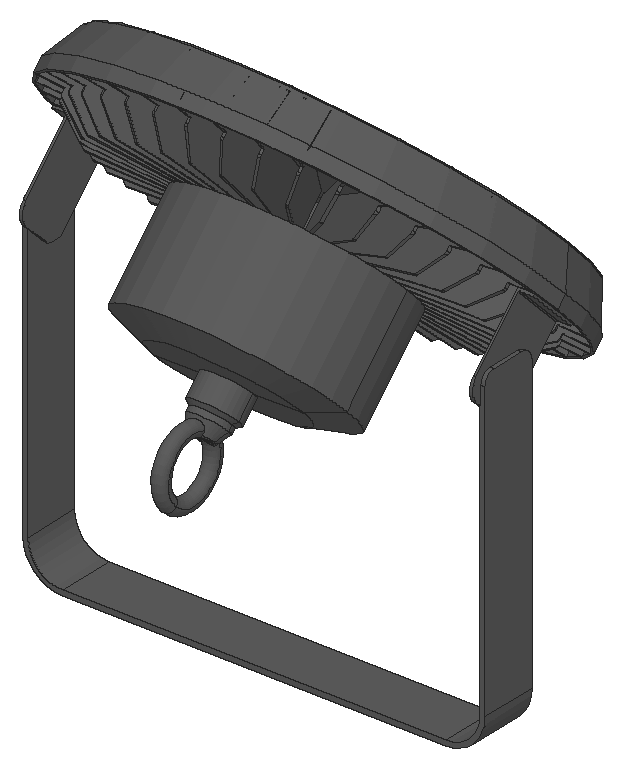
Revit family "0039345+0039354 Feilo Sylvania Lighting Fixture START HIGHBAY 4K 19KLM MEDIUM with BRACKET", category Lighting Fixtures, host Face, Revit 2017
Family settings
  Host = Face
  Round Connector Dimension = Use Diameter
  Part Type = Normal
  OmniClass Number = 23.80.70.00
  OmniClass Title = Lighting
  Cut with Voids When Loaded = No
  Light Source = No
  Shared = No
  Room Calculation Point = No
Parameters (values of type "0039345+0039354 START HIGHBAY 4K 19KLM MEDIUM with BRACKET     ")
  Weight = "3.4 kg"
  Wattage Comments = ""
  WarrantyStartDate [instance] = "n/a"
  WarrantyGuarantorParts = "n/a"
  WarrantyDurationUnit = "n/a"
  WarrantyDurationParts = "n/a"
  WarrantyDescription = "n/a"
  Voltage = 230 V
  URL = "http://www.sylvania-lighting.com"
  TypeName = "START HIGHBAY 4K 19KLM MEDIUM with BRACKET"
  TypeHead_FEILO = Start LED Highbay Head : 0039345+0039354 START HIGHBAY 4K 19KLM MEDIUM with BRACKET     
  Type Image = <None>
  Type Comments = "n/a"
  TiltAngle_FEILO [instance] = 45.00°
  ThicknessBracketPlate_FEILO = 3 mm
  SizeBracketS_FEILO = no
  SizeBracketM_FEILO = yes
  SerialNumber [instance] = "n/a"
  RadiusBracketTop_FEILO = 7 mm
  RadiusBendOut_FEILO = if(SizeBracketS_FEILO, 18 mm, if(SizeBracketM_FEILO, 24 mm, 28 mm))  # 24 mm
  RadiusBendIn_FEILO = RadiusBendOut_FEILO - ThicknessBracketPlate_FEILO  # 21 mm
  Material_3_FEILO = none
  PowerFactor = 0.95
  PowerConsumption = "150 W"
  NominalLength = 296 mm
  NominalHeight = 177 mm
  NominalDepth = 296 mm
  Name = "START HIGHBAY 4K 19KLM MEDIUM with BRACKET"
  ModelReference = Name  # "START HIGHBAY 4K 19KLM MEDIUM with BRACKET"
  ModelNumber = "0039345+0039354"
  Model = Name  # "START HIGHBAY 4K 19KLM MEDIUM with BRACKET"
  Material = "aluminium alloy housing, polycarbonate diffuser"
  ManufacturerName = "Feilo Sylvania"
  Manufacturer = "Feilo Sylvania"
  LuminousEfficacy = "130 lm/W"
  LuminaireType = ""
  LightOutputRatio = "n/a"
  LampsType = Lamp  # "LED"
  LampNominalLuminous = "19500 lm"
  LampMacAdamStep = "n/a"
  LampColourTemperature = "4000 K"
  LampColourRenderingIndex = "80"
  Lamp = "LED"
  Keynote = "16500"
  InstallationDate [instance] = "n/a"
  InputVoltage = "220-240V~"
  InputNominalFrequency = "50/60 Hz"
  IngressProtection = "IP65"
  ImpactProtectionIndex = "IK08"
  IfcExportType = "IfcLightFixtureType"
  IfcExportAs = "IfcLightFixtureType"
  ExpectedLife = 50000
  EndAngle_FEILO [instance] = TiltAngle_FEILO + 180.00°  # 225.00°
  ElectricShockClassification = "Class I"
  DurationUnit = "hours"
  DocumentationLiterature = "http://www.sylvania-lighting.com/product/en-int/products/0039345"
  DimmingControlOptions = "n/a"
  Material_2_FEILO = none
  Description = "START HIGHBAY, includes 1 m cables, black aluminium housing, 19500LM, 150W, 130lm/W, 4000K, Driver current: 3210mA, CR80, 60° beam angle, 1-10V dimmable,  IP65, IK08, 50,000 hrs (L70B50), (LxWxH) 296x296x177mm"
  Default Elevation = 1219.2 mm
  CreatedOn = "2/28/2018"
  CreatedBy = ""
  Cost = 0
  built-in parameter 1114216 [instance] = (empty or 0)
  ClassificationValue = "EF_70_80"
  ClassificationName = "Uniclass2015"
  Material_1_FEILO = Body-Sylvania-StartHighbay-Black
  BracketHeight_FEILO = if(SizeBracketS_FEILO, 199.5 mm, if(SizeBracketM_FEILO, 209.6 mm, 201.3 mm))  # 209.6 mm
  BracketDistanceInner_FEILO = if(SizeBracketS_FEILO, 249.4 mm, if(SizeBracketM_FEILO, 273.6 mm, 313.2 mm))  # 273.6 mm
  BarCode [instance] = "n/a"
  AssetType = "Fixed"
  AssetIdentifier [instance] = "n/a"
  Assembly Code = "D5020200"
  Apparent Load = 150 VA
  Material_4_FEILO = none
Reference planes
  plane 1 "Center (Front/Back)": y = 0
  plane 2: z = 0
  plane 3 "Center (Left/Right)": x = 0
  plane 4: x = -139.8
  plane 5: x = 139.8
  plane 6: z = 209.6
  plane 7: x = -136.8
  plane 8: z = 3
  plane 9: x = 136.8
  plane 10: y = 17.5
  plane 11: y = -17.5
  plane 12: y = -19.5
  plane 13: z = 211.6
  plane 14: y = 19.5
  plane 15: z = 200.6
Forms (mm)
  Extrusion 1, solid, material "Body-Sylvania-StartHighbay-Black" <- "Material_1_FEILO"
    sketch origin (0, 0, 0) x (1, 0, 0) y (0, 0, 1)
      loop
        line (-139.8, 209.6) -> (-139.8, 24)
        arc (-139.8, 24) -> (-132.771, 7.029) -> (-115.8, 0) r 24
        line (-115.8, 0) -> (115.8, 0)
        arc (115.8, 0) -> (132.771, 7.029) -> (139.8, 24) r 24
        line (139.8, 24) -> (139.8, 209.6) -> (136.8, 209.6) -> (136.8, 24)
        arc (136.8, 24) -> (130.649, 9.151) -> (115.8, 3) r 21
        line (115.8, 3) -> (-115.8, 3)
        arc (-115.8, 3) -> (-130.649, 9.151) -> (-136.8, 24) r 21
        line (-136.8, 24) -> (-136.8, 209.6) -> (-139.8, 209.6)
    from -17.5 to 17.5
  Extrusion 2, void
    sketch origin (0, 0, 0) x (0, 1, 0) y (0, 0, 1)
      loop
        arc (10.5, 209.6) -> (15.45, 207.55) -> (17.5, 202.6) r 7
        line (17.5, 202.6) -> (19.5, 202.6) -> (19.5, 211.6) -> (-19.5, 211.6) -> (-19.5, 202.6) -> (-17.5, 202.6)
        arc (-17.5, 202.6) -> (-15.45, 207.55) -> (-10.5, 209.6) r 7
        line (-10.5, 209.6) -> (10.5, 209.6)
    from -139.8 to 139.8
  Revolve 3, solid, not visible
    sketch origin (1223.4, -4572, 200.6) x (0, -1, 0) y (1, 0, 0)
      loop
        line (-4572, -1223.4) -> (-4591.5, -1223.4) -> (-4591.5, -1277.783) -> (-4572, -1277.783) -> (-4572, -1223.4)
      axis (-4572, -1223.4) -> (-4572, -1277.783)
    angle from 45 <- "TiltAngle_FEILO" to 225 <- "EndAngle_FEILO"
Cuts and joins
  Extrusion 2 cuts Extrusion 1
Dimensions and locks
  "BracketHeight_FEILO": plane 6 to plane 2
  equal spacing: plane 11, plane 1 "Center (Front/Back)", plane 10
  locked: plane 11 to plane 10 at 35
  equal spacing: plane 9, plane 3 "Center (Left/Right)", plane 7
  "BracketDistanceInner_FEILO": plane 9 to plane 7
  "ThicknessBracketPlate_FEILO": plane 7 to plane 4
  "ThicknessBracketPlate_FEILO": plane 8 to plane 2
  equal spacing: plane 5, plane 3 "Center (Left/Right)", plane 4
  equal spacing: plane 12, plane 1 "Center (Front/Back)", plane 14
  locked: plane 6 to plane 13 at 2
  locked: plane 12 to plane 11 at 2
  locked: plane 6 to plane 15 at 9
  "RadiusBendOut_FEILO": radius of Extrusion 1 sketch curve  (x2)
  "RadiusBendIn_FEILO": radius of Extrusion 1 sketch curve  (x2)
  "RadiusBracketTop_FEILO": radius of Extrusion 2 sketch curve  (x2)
  aligned and locked: plane 2 to host face
  aligned and locked: level to host face
  aligned and locked: Extrusion 1 sketch curve to plane 4
  aligned and locked: Extrusion 1 sketch curve to level
  aligned and locked: plane 6 to Extrusion 1 sketch curve
  aligned and locked: Extrusion 1 sketch curve to plane 6
  aligned and locked: Extrusion 1 sketch curve to plane 7
  aligned and locked: plane 9 to Extrusion 1 sketch curve
  aligned and locked: plane 8 to Extrusion 1 sketch curve
  aligned and locked: Extrusion 1 to plane 10
  aligned and locked: plane 11 to Extrusion 1
  aligned and locked: Extrusion 1 to Extrusion 2 sketch curve
  aligned and locked: plane 14 to Extrusion 2 sketch curve  (x2)
  aligned and locked: Extrusion 2 sketch curve to plane 12
  aligned and locked: plane 13 to Extrusion 2 sketch curve
  aligned and locked: plane 5 to Extrusion 2
  aligned and locked: Extrusion 2 to plane 4
  aligned and locked: Revolve 3 sketch curve to plane 1 "Center (Front/Back)"
  aligned and locked: Revolve 3 sketch curve to Revolve 3 sketch curve
  aligned and locked: plane 3 "Center (Left/Right)" to Revolve 3 sketch curve
  aligned and locked: Revolve 3 sketch curve to plane 14
  aligned and locked: nested 1 to plane 3 "Center (Left/Right)"
Automatic sketch dimensions
  host sketch curve to host sketch curve = 2438.4 mm  (x2)
  Revolve 3 sketch curve to Revolve 3 sketch curve = 54.383 mm
  Revolve 3 sketch curve to plane 4 = 1396.3 mm
  plane 5 to Revolve 3 sketch curve = 1396.3 mm
  Extrusion 1 sketch curve to Extrusion 1 sketch curve = 0 mm
  Extrusion 2 sketch curve to plane 11 = 0 mm
  Extrusion 2 sketch curve to plane 10 = 0 mm
Nested families
  nested 1: "Start LED Highbay Head" at (0, 0, 200.6) x (-1, 0, 0) z (0, 0.7071, 0.7071), type <- "TypeHead_FEILO", type "0039345+0039354 START HIGHBAY 4K 19KLM MEDIUM with BRACKET     "
    with built-in parameter 1114216 (empty or 0)
Connectors
  electrical at (0, 0, 0), driven by "Apparent Load", driven by "PowerFactor", driven by "Voltage"
    settings: index 1, voltage 230 V, apparent load 150 VA, apparent load phase1 0 VA, apparent load phase2 0 VA, apparent load phase3 0 VA, power factor 0.95, load classification "Lighting", number of poles 1, system type 30, power factor state 1, is connector primary yes, connector utility no, sub classification motor no, connector description ""
Definition of nested family "Start LED Highbay Head"
  Parameters (values of type "0039351+0039354+0039358 START HIGHBAY 6K 19KLM WIDE with BRACKET and PC LAMPSHADE TRANSPARENT ")
    X_FEILO = if(SizeS_FEILO, 60.3 mm, if(SizeM_FEILO, 70.4 mm, 83.5 mm))  # 70.4 mm
    WidthStraight_FEILO = if(SizeS_FEILO, 3 mm, if(SizeM_FEILO, 4 mm, 4.7 mm))  # 4 mm
    WidthRingChamfer_FEILO = if(SizeS_FEILO, 10.3 mm, if(SizeM_FEILO, 11.2 mm, 12.9 mm))  # 11.2 mm
    WidthCurved_FEILO = if(SizeS_FEILO, 17.4 mm, if(SizeM_FEILO, 16.4 mm, 26.2 mm))  # 16.4 mm
    WidthCurvedRing_FEILO = if(SizeS_FEILO, 3 mm, if(SizeM_FEILO, 4 mm, 4.7 mm))  # 4 mm
    WidthBracket_FEILO = 40 mm
    Wattage Comments = ""
    Wattage = 150 W
    built-in parameter 1150110 = 1 (stored number, unit not read)
    URL = "http://www.feilosylvania.com"
    Type Image = (empty or 0)
    Type Comments = "n/a"
    built-in parameter 1114217 = 1 (stored number, unit not read)
    Tilt Angle = -90.00°
    ThicknessWall_FEILO = 1.5 mm
    ThicknessBracket_FEILO = 1.5 mm
    ThicknessBracketHalf_FEILO = ThicknessBracket_FEILO / 2  # 0.75 mm
    built-in parameter 1150109 = 1 (stored number, unit not read)
    built-in parameter 1150134 = 1
    built-in parameter 1150113 = 1 (stored number, unit not read)
    SizeS_FEILO = no
    SizeM_FEILO = yes
    ShadeThickness_FEILO = 3 mm
    ShadeSizeSM_FEILO = or(SizeS_FEILO, SizeM_FEILO)  # yes
    ShadeRadiusOut_FEILO = 205 mm
    ShadeRadiusIn_FEILO = if(ShadeSizeSM_FEILO, 95 mm, 121 mm)  # 95 mm
    ShadeRadiusBend_FEILO = if(ShadeSizeSM_FEILO, 210 mm, 210 mm)  # 210 mm
    ShadeOn_FEILO = yes
    ShadeHeight_FEILO = if(ShadeSizeSM_FEILO, 120 mm, 151 mm)  # 120 mm
    Rib4_FEILO = if(SizeS_FEILO, 18.1 mm, if(SizeM_FEILO, 13.6 mm, 14.6 mm))  # 13.6 mm
    Rib3_FEILO = if(SizeS_FEILO, 15.3 mm, if(SizeM_FEILO, 17.6 mm, 20.2 mm))  # 17.6 mm
    Rib2_FEILO = if(SizeS_FEILO, 3.6 mm, if(SizeM_FEILO, 3.9 mm, 4.5 mm))  # 3.9 mm
    Rib1_FEILO = if(SizeS_FEILO, 15.1 mm, if(SizeM_FEILO, 16.5 mm, 19 mm))  # 16.5 mm
    RadiusDiffuser_FEILO = if(SizeS_FEILO, 95.2 mm, if(SizeM_FEILO, 105.3 mm, 120 mm))  # 105.3 mm
    RadiusArrayPost_FEILO = DriverRadius_FEILO - 6 mm  # 61.2 mm
    RHRadius3_FEILO = if(SizeS_FEILO, 6.6 mm, if(SizeM_FEILO, 7.4 mm, 8.6 mm))  # 7.4 mm
    RHRadius2_FEILO = if(SizeS_FEILO, 11 mm, if(SizeM_FEILO, 12 mm, 14 mm))  # 12 mm
    RHRadius1_FEILO = if(SizeS_FEILO, 13.6 mm, if(SizeM_FEILO, 14.9 mm, 17.7 mm))  # 14.9 mm
    RHHeight4_FEILO = if(SizeS_FEILO, 7.3 mm, if(SizeM_FEILO, 8 mm, 9.2 mm))  # 8 mm
    RHHeight3_FEILO = if(SizeS_FEILO, 3.6 mm, if(SizeM_FEILO, 3.7 mm, 4.6 mm))  # 3.7 mm
    RHHeight2_FEILO = if(SizeS_FEILO, 2 mm, if(SizeM_FEILO, 2.2 mm, 2.6 mm))  # 2.2 mm
    RHHeight1_FEILO = if(SizeS_FEILO, 11.8 mm, if(SizeM_FEILO, 15.3 mm, 17.4 mm))  # 15.3 mm
    Photometric Web File = "0039351+0039358.ies"
    Material_5_FEILO = none
    Material_3_FEILO = none
    Model = "START HIGHBAY 6K 19KLM WIDE with BRACKET and PC LAMPSHADE TRANSPARENT"
    Manufacturer = "Feilo Sylvania"
    built-in parameter 1150105 = 10854.2 (stored number, unit not read)
    Lumens = 19500 lm
    built-in parameter 1150115 = 1 (stored number, unit not read)
    built-in parameter 1150137 = (empty or 0)
    built-in parameter 1150139 = (empty or 0)
    built-in parameter 1150112 = 1 (stored number, unit not read)
    built-in parameter 1150114 = 1 (stored number, unit not read)
    Lamp = "LED"
    Keynote = "16500"
    built-in parameter 1150132 = (empty or 0)
    built-in parameter 1150102 = (empty or 0)
    built-in parameter 1150107 = 6500 (stored number, unit not read)
    built-in parameter 1150138 = (empty or 0)
    built-in parameter 1150106 = 108.54 (stored number, unit not read)
    HeightRing_FEILO = if(SizeS_FEILO, 19.8 mm, if(SizeM_FEILO, 32 mm, 36.8 mm))  # 32 mm
    HeightRingChamfer_FEILO = if(SizeS_FEILO, 11.7 mm, if(SizeM_FEILO, 23.2 mm, 26.6 mm))  # 23.2 mm
    EyeThickness_FEILO = if(SizeS_FEILO, 8.4 mm, if(SizeM_FEILO, 9.2 mm, 10.5 mm))  # 9.2 mm
    EyeThicknessHalf_FEILO = EyeThickness_FEILO / 2  # 4.6 mm
    EyeInner_FEILO = if(SizeS_FEILO, 13.8 mm, if(SizeM_FEILO, 15.1 mm, 17.3 mm))  # 15.1 mm
    Emit from Circle Diameter = RadiusDiffuser_FEILO * 2  # 210.6 mm
    Emit Shape Visible in Rendering = no
    built-in parameter 1150104 = 12.077 (stored number, unit not read)
    DriverVerticalStraight_FEILO = if(SizeS_FEILO, 46.5 mm, if(SizeM_FEILO, 49.7 mm, 57 mm))  # 49.7 mm
    DriverVerticalChamfer_FEILO = if(SizeS_FEILO, 7.5 mm, if(SizeM_FEILO, 8.2 mm, 9.5 mm))  # 8.2 mm
    DriverRadius_FEILO = if(SizeS_FEILO, 61.4 mm, if(SizeM_FEILO, 67.2 mm, 76.4 mm))  # 67.2 mm
    DriverRadiusTop_FEILO = if(SizeS_FEILO, 42 mm, if(SizeM_FEILO, 45.3 mm, 52.4 mm))  # 45.3 mm
    DriverBottom_FEILO = if(SizeS_FEILO, 56 mm, if(SizeM_FEILO, 64.5 mm, 74 mm))  # 64.5 mm
    Material_2_FEILO = none
    Radius_FEILO = if(SizeS_FEILO, 135 mm, if(SizeM_FEILO, 148 mm, 169.5 mm))  # 148 mm
    Dimming Lamp Color Temperature Shift = (empty or 0)
    DiameterWire_FEILO = 3 mm
    DiameterWireSupport_FEILO = 10 mm
    Description = "START HIGHBAY, includes 1 m cables, black aluminium housing, 19500LM, 150W, 130lm/W, 6500K, Driver current: 2140mA, CR80, 60° beam angle, 1-10V dimmable,  IP65, IK08, 50,000 hrs (L70B50), (LxWxH) 296x296x177mm"
    Default Elevation = 1219.2 mm
    Cost = 0
    Color Filter = 16777215
    built-in parameter 1114216 [instance] = (empty or 0)
    Material_1_FEILO = none
    built-in parameter 1114218 = 1 (stored number, unit not read)
    built-in parameter 1150133 = 10 (stored number, unit not read)
    Assembly Code = "D5020200"
    Apparent Load = 150 VA
    Material_4_FEILO = none
  Types (36, lengths in mm): name | X_FEILO | WidthStraight_FEILO | WidthRingChamfer_FEILO | WidthCurved_FEILO | WidthCurvedRing_FEILO | Wattage | built-in parameter 1150134 | SizeS_FEILO | SizeM_FEILO | ShadeSizeSM_FEILO | ShadeRadiusIn_FEILO | ShadeOn_FEILO | ShadeHeight_FEILO | Rib4_FEILO | Rib3_FEILO | Rib2_FEILO | Rib1_FEILO | RadiusDiffuser_FEILO | RadiusArrayPost_FEILO | RHRadius3_FEILO | RHRadius2_FEILO | RHRadius1_FEILO | RHHeight4_FEILO | RHHeight3_FEILO | RHHeight2_FEILO | RHHeight1_FEILO | Photometric Web File | Model | built-in parameter 1150105 | Lumens | built-in parameter 1150107 | built-in parameter 1150106 | HeightRing_FEILO | HeightRingChamfer_FEILO | EyeThickness_FEILO | EyeThicknessHalf_FEILO | EyeInner_FEILO | Emit from Circle Diameter | DriverVerticalStraight_FEILO | DriverVerticalChamfer_FEILO | DriverRadius_FEILO | DriverRadiusTop_FEILO | DriverBottom_FEILO | Radius_FEILO | Description | Apparent Load
    0039352+0039355+0039361 START HIGHBAY 6K 26KLM WIDE with BRACKET and PC LAMPSHADE TRANSPARENT | 83.5 | 4.7 | 12.9 | 26.2 | 4.7 | 200 W | 1 | no | no | no | 121 | yes | 151 | 14.6 | 20.2 | 4.5 | 19 | 120 | 70.4 | 8.6 | 14 | 17.7 | 9.2 | 4.6 | 2.6 | 17.4 | "0039352+0039361.ies" | "START HIGHBAY 6K 26KLM WIDE with BRACKET and PC LAMPSHADE TRANSPARENT" | 17911 (stored number, unit not read) | 26000 lm | 6500 (stored number, unit not read) | 179.11 (stored number, unit not read) | 36.8 | 26.6 | 10.5 | 5.25 | 17.3 | 240 | 57 | 9.5 | 76.4 | 52.4 | 74 | 169.5 | "START HIGHBAY, includes 1 m cables, black aluminium housing, 26000LM, 200W, 130lm/W, 6500K, Driver current: 5000mA, CR80, 60° beam angle, 1-10V dimmable,  IP65, IK08, 50,000 hrs (L70B50), (LxWxH) 339x339x194mm" | 200 VA
    0039352+0039355+0039360 START HIGHBAY 6K 26KLM WIDE with BRACKET and ALU SHADE BLACK COLOR | 83.5 | 4.7 | 12.9 | 26.2 | 4.7 | 200 W | 1 | no | no | no | 121 | yes | 151 | 14.6 | 20.2 | 4.5 | 19 | 120 | 70.4 | 8.6 | 14 | 17.7 | 9.2 | 4.6 | 2.6 | 17.4 | "0039352+0039360.ies" | "START HIGHBAY 6K 26KLM WIDE with BRACKET and ALU SHADE BLACK COLOR" | 14870 (stored number, unit not read) | 26000 lm | 6500 (stored number, unit not read) | 148.7 (stored number, unit not read) | 36.8 | 26.6 | 10.5 | 5.25 | 17.3 | 240 | 57 | 9.5 | 76.4 | 52.4 | 74 | 169.5 | "START HIGHBAY, includes 1 m cables, black aluminium housing, 26000LM, 200W, 130lm/W, 6500K, Driver current: 5000mA, CR80, 60° beam angle, 1-10V dimmable,  IP65, IK08, 50,000 hrs (L70B50), (LxWxH) 339x339x194mm" | 200 VA
    0039352+0039355+0039359 START HIGHBAY 6K 26KLM WIDE with BRACKET and ALU SHADE ALU COLOR | 83.5 | 4.7 | 12.9 | 26.2 | 4.7 | 200 W | 1 | no | no | no | 121 | yes | 151 | 14.6 | 20.2 | 4.5 | 19 | 120 | 70.4 | 8.6 | 14 | 17.7 | 9.2 | 4.6 | 2.6 | 17.4 | "0039352+0039359.ies" | "START HIGHBAY 6K 26KLM WIDE with BRACKET and ALU SHADE ALU COLOR" | 14870 (stored number, unit not read) | 26000 lm | 6500 (stored number, unit not read) | 148.7 (stored number, unit not read) | 36.8 | 26.6 | 10.5 | 5.25 | 17.3 | 240 | 57 | 9.5 | 76.4 | 52.4 | 74 | 169.5 | "START HIGHBAY, includes 1 m cables, black aluminium housing, 26000LM, 200W, 130lm/W, 6500K, Driver current: 5000mA, CR80, 60° beam angle, 1-10V dimmable,  IP65, IK08, 50,000 hrs (L70B50), (LxWxH) 339x339x194mm" | 200 VA
    0039352+0039355 START HIGHBAY 6K 26KLM WIDE with BRACKET | 83.5 | 4.7 | 12.9 | 26.2 | 4.7 | 200 W | 1 | no | no | no | 121 | no | 151 | 14.6 | 20.2 | 4.5 | 19 | 120 | 70.4 | 8.6 | 14 | 17.7 | 9.2 | 4.6 | 2.6 | 17.4 | "0039352.ies" | "START HIGHBAY 6K 26KLM WIDE with BRACKET" | 13836.2 (stored number, unit not read) | 26000 lm | 6500 (stored number, unit not read) | 138.36 (stored number, unit not read) | 36.8 | 26.6 | 10.5 | 5.25 | 17.3 | 240 | 57 | 9.5 | 76.4 | 52.4 | 74 | 169.5 | "START HIGHBAY, includes 1 m cables, black aluminium housing, 26000LM, 200W, 130lm/W, 6500K, Driver current: 5000mA, CR80, 60° beam angle, 1-10V dimmable,  IP65, IK08, 50,000 hrs (L70B50), (LxWxH) 339x339x194mm" | 200 VA
    0039351+0039354+0039358 START HIGHBAY 6K 19KLM WIDE with BRACKET and PC LAMPSHADE TRANSPARENT | 70.4 | 4 | 11.2 | 16.4 | 4 | 150 W | 1 | no | yes | yes | 95 | yes | 120 | 13.6 | 17.6 | 3.9 | 16.5 | 105.3 | 61.2 | 7.4 | 12 | 14.9 | 8 | 3.7 | 2.2 | 15.3 | "0039351+0039358.ies" | "START HIGHBAY 6K 19KLM WIDE with BRACKET and PC LAMPSHADE TRANSPARENT" | 10854.2 (stored number, unit not read) | 19500 lm | 6500 (stored number, unit not read) | 108.54 (stored number, unit not read) | 32 | 23.2 | 9.2 | 4.6 | 15.1 | 210.6 | 49.7 | 8.2 | 67.2 | 45.3 | 64.5 | 148 | "START HIGHBAY, includes 1 m cables, black aluminium housing, 19500LM, 150W, 130lm/W, 6500K, Driver current: 2140mA, CR80, 60° beam angle, 1-10V dimmable,  IP65, IK08, 50,000 hrs (L70B50), (LxWxH) 296x296x177mm" | 150 VA
    0039351+0039354+0039357 START HIGHBAY 6K 19KLM WIDE with BRACKET and ALU SHADE BLACK COLOR | 70.4 | 4 | 11.2 | 16.4 | 4 | 150 W | 1 | no | yes | yes | 95 | yes | 120 | 13.6 | 17.6 | 3.9 | 16.5 | 105.3 | 61.2 | 7.4 | 12 | 14.9 | 8 | 3.7 | 2.2 | 15.3 | "0039351+0039357.ies" | "START HIGHBAY 6K 19KLM WIDE with BRACKET and ALU SHADE BLACK COLOR" | 11152.5 (stored number, unit not read) | 19500 lm | 6500 (stored number, unit not read) | 111.52 (stored number, unit not read) | 32 | 23.2 | 9.2 | 4.6 | 15.1 | 210.6 | 49.7 | 8.2 | 67.2 | 45.3 | 64.5 | 148 | "START HIGHBAY, includes 1 m cables, black aluminium housing, 19500LM, 150W, 130lm/W, 6500K, Driver current: 2140mA, CR80, 60° beam angle, 1-10V dimmable,  IP65, IK08, 50,000 hrs (L70B50), (LxWxH) 296x296x177mm" | 150 VA
    0039351+0039354+0039356 START HIGHBAY 6K 19KLM WIDE with BRACKET and ALU SHADE ALU COLOR | 70.4 | 4 | 11.2 | 16.4 | 4 | 150 W | 1 | no | yes | yes | 95 | yes | 120 | 13.6 | 17.6 | 3.9 | 16.5 | 105.3 | 61.2 | 7.4 | 12 | 14.9 | 8 | 3.7 | 2.2 | 15.3 | "0039351+0039356.ies" | "START HIGHBAY 6K 19KLM WIDE with BRACKET and ALU SHADE ALU COLOR" | 11152.5 (stored number, unit not read) | 19500 lm | 6500 (stored number, unit not read) | 111.52 (stored number, unit not read) | 32 | 23.2 | 9.2 | 4.6 | 15.1 | 210.6 | 49.7 | 8.2 | 67.2 | 45.3 | 64.5 | 148 | "START HIGHBAY, includes 1 m cables, black aluminium housing, 19500LM, 150W, 130lm/W, 6500K, Driver current: 2140mA, CR80, 60° beam angle, 1-10V dimmable,  IP65, IK08, 50,000 hrs (L70B50), (LxWxH) 296x296x177mm" | 150 VA
    0039351+0039354 START HIGHBAY 6K 19KLM WIDE with BRACKET | 70.4 | 4 | 11.2 | 16.4 | 4 | 150 W | 1 | no | yes | yes | 95 | no | 120 | 13.6 | 17.6 | 3.9 | 16.5 | 105.3 | 61.2 | 7.4 | 12 | 14.9 | 8 | 3.7 | 2.2 | 15.3 | "0039351.ies" | "START HIGHBAY 6K 19KLM WIDE with BRACKET" | 10377.1 (stored number, unit not read) | 19500 lm | 6500 (stored number, unit not read) | 103.77 (stored number, unit not read) | 32 | 23.2 | 9.2 | 4.6 | 15.1 | 210.6 | 49.7 | 8.2 | 67.2 | 45.3 | 64.5 | 148 | "START HIGHBAY, includes 1 m cables, black aluminium housing, 19500LM, 150W, 130lm/W, 6500K, Driver current: 2140mA, CR80, 60° beam angle, 1-10V dimmable,  IP65, IK08, 50,000 hrs (L70B50), (LxWxH) 296x296x177mm" | 150 VA
    0039350+0039353+0039358 START HIGHBAY 6K 13KLM WIDE with BRACKET and PC LAMPSHADE TRANSPARENT | 60.3 | 3 | 10.3 | 17.4 | 3 | 100 W | 1 | yes | no | yes | 95 | yes | 120 | 18.1 | 15.3 | 3.6 | 15.1 | 95.2 | 55.4 | 6.6 | 11 | 13.6 | 7.3 | 3.6 | 2 | 11.8 | "0039350+0039358.ies" | "START HIGHBAY 6K 13KLM WIDE with BRACKET and PC LAMPSHADE TRANSPARENT" | 7236.1 (stored number, unit not read) | 13000 lm | 6500 (stored number, unit not read) | 72.361 (stored number, unit not read) | 19.8 | 11.7 | 8.4 | 4.2 | 13.8 | 190.4 | 46.5 | 7.5 | 61.4 | 42 | 56 | 135 | "START HIGHBAY, includes 1 m cables, black aluminium housing, 13000LM, 100W, 130lm/W, 6500K, Driver current: 2140mA, CR80, 60° beam angle, 1-10V dimmable,  IP65, IK08, 50,000 hrs (L70B50), (LxWxH) 270x270x170mm" | 100 VA
    0039350+0039353+0039357 START HIGHBAY 6K 13KLM WIDE with BRACKET and ALU SHADE BLACK COLOR | 60.3 | 3 | 10.3 | 17.4 | 3 | 100 W | 1 | yes | no | yes | 95 | yes | 120 | 18.1 | 15.3 | 3.6 | 15.1 | 95.2 | 55.4 | 6.6 | 11 | 13.6 | 7.3 | 3.6 | 2 | 11.8 | "0039350+0039357.ies" | "START HIGHBAY 6K 13KLM WIDE with BRACKET and ALU SHADE BLACK COLOR" | 7435 (stored number, unit not read) | 13000 lm | 6500 (stored number, unit not read) | 74.35 (stored number, unit not read) | 19.8 | 11.7 | 8.4 | 4.2 | 13.8 | 190.4 | 46.5 | 7.5 | 61.4 | 42 | 56 | 135 | "START HIGHBAY, includes 1 m cables, black aluminium housing, 13000LM, 100W, 130lm/W, 6500K, Driver current: 2140mA, CR80, 60° beam angle, 1-10V dimmable,  IP65, IK08, 50,000 hrs (L70B50), (LxWxH) 270x270x170mm" | 100 VA
    0039350+0039353+0039356 START HIGHBAY 6K 13KLM WIDE with BRACKET and ALU SHADE ALU COLOR | 60.3 | 3 | 10.3 | 17.4 | 3 | 100 W | 1 | yes | no | yes | 95 | yes | 120 | 18.1 | 15.3 | 3.6 | 15.1 | 95.2 | 55.4 | 6.6 | 11 | 13.6 | 7.3 | 3.6 | 2 | 11.8 | "0039350+0039356.ies" | "START HIGHBAY 6K 13KLM WIDE with BRACKET and ALU SHADE ALU COLOR" | 7435 (stored number, unit not read) | 13000 lm | 6500 (stored number, unit not read) | 74.35 (stored number, unit not read) | 19.8 | 11.7 | 8.4 | 4.2 | 13.8 | 190.4 | 46.5 | 7.5 | 61.4 | 42 | 56 | 135 | "START HIGHBAY, includes 1 m cables, black aluminium housing, 13000LM, 100W, 130lm/W, 6500K, Driver current: 2140mA, CR80, 60° beam angle, 1-10V dimmable,  IP65, IK08, 50,000 hrs (L70B50), (LxWxH) 270x270x170mm" | 100 VA
    0039350+0039353 START HIGHBAY 6K 13KLM WIDE with BRACKET | 60.3 | 3 | 10.3 | 17.4 | 3 | 100 W | 1 | yes | no | yes | 95 | no | 120 | 18.1 | 15.3 | 3.6 | 15.1 | 95.2 | 55.4 | 6.6 | 11 | 13.6 | 7.3 | 3.6 | 2 | 11.8 | "0039350.ies" | "START HIGHBAY 6K 13KLM WIDE with BRACKET" | 6918.1 (stored number, unit not read) | 13000 lm | 6500 (stored number, unit not read) | 69.181 (stored number, unit not read) | 19.8 | 11.7 | 8.4 | 4.2 | 13.8 | 190.4 | 46.5 | 7.5 | 61.4 | 42 | 56 | 135 | "START HIGHBAY, includes 1 m cables, black aluminium housing, 13000LM, 100W, 130lm/W, 6500K, Driver current: 2140mA, CR80, 60° beam angle, 1-10V dimmable,  IP65, IK08, 50,000 hrs (L70B50), (LxWxH) 270x270x170mm" | 100 VA
    0039349+0039355+0039361 START HIGHBAY 4K 26KLM WIDE with BRACKET and PC LAMPSHADE TRANSPARENT FOR | 83.5 | 4.7 | 12.9 | 26.2 | 4.7 | 200 W | 12 | no | no | no | 121 | yes | 151 | 14.6 | 20.2 | 4.5 | 19 | 120 | 70.4 | 8.6 | 14 | 17.7 | 9.2 | 4.6 | 2.6 | 17.4 | "0039349+0039361.ies" | "START HIGHBAY 4K 26KLM WIDE with BRACKET and PC LAMPSHADE TRANSPARENT FOR" | 17911 (stored number, unit not read) | 26000 lm | 4000 (stored number, unit not read) | 179.11 (stored number, unit not read) | 36.8 | 26.6 | 10.5 | 5.25 | 17.3 | 240 | 57 | 9.5 | 76.4 | 52.4 | 74 | 169.5 | "START HIGHBAY, includes 1 m cables, black aluminium housing, 26000LM, 200W, 130lm/W, 4000K, Driver current: 5000mA, CR80, 90° beam angle, 1-10V dimmable,  IP65, IK08, 50,000 hrs (L70B50), (LxWxH) 339x339x194mm" | 200 VA
    0039349+0039355+0039360 START HIGHBAY 4K 26KLM WIDE with BRACKET and ALU SHADE BLACK COLOR | 83.5 | 4.7 | 12.9 | 26.2 | 4.7 | 200 W | 12 | no | no | no | 121 | yes | 151 | 14.6 | 20.2 | 4.5 | 19 | 120 | 70.4 | 8.6 | 14 | 17.7 | 9.2 | 4.6 | 2.6 | 17.4 | "0039349+0039360.ies" | "START HIGHBAY 4K 26KLM WIDE with BRACKET and ALU SHADE BLACK COLOR" | 14870 (stored number, unit not read) | 26000 lm | 4000 (stored number, unit not read) | 148.7 (stored number, unit not read) | 36.8 | 26.6 | 10.5 | 5.25 | 17.3 | 240 | 57 | 9.5 | 76.4 | 52.4 | 74 | 169.5 | "START HIGHBAY, includes 1 m cables, black aluminium housing, 26000LM, 200W, 130lm/W, 4000K, Driver current: 5000mA, CR80, 90° beam angle, 1-10V dimmable,  IP65, IK08, 50,000 hrs (L70B50), (LxWxH) 339x339x194mm" | 200 VA
    0039349+0039355+0039359 START HIGHBAY 4K 26KLM WIDE with BRACKET and ALU SHADE ALU COLOR | 83.5 | 4.7 | 12.9 | 26.2 | 4.7 | 200 W | 12 | no | no | no | 121 | yes | 151 | 14.6 | 20.2 | 4.5 | 19 | 120 | 70.4 | 8.6 | 14 | 17.7 | 9.2 | 4.6 | 2.6 | 17.4 | "0039349+0039359.ies" | "START HIGHBAY 4K 26KLM WIDE with BRACKET and ALU SHADE ALU COLOR" | 14870 (stored number, unit not read) | 26000 lm | 4000 (stored number, unit not read) | 148.7 (stored number, unit not read) | 36.8 | 26.6 | 10.5 | 5.25 | 17.3 | 240 | 57 | 9.5 | 76.4 | 52.4 | 74 | 169.5 | "START HIGHBAY, includes 1 m cables, black aluminium housing, 26000LM, 200W, 130lm/W, 4000K, Driver current: 5000mA, CR80, 90° beam angle, 1-10V dimmable,  IP65, IK08, 50,000 hrs (L70B50), (LxWxH) 339x339x194mm" | 200 VA
    0039349+0039355 START HIGHBAY 4K 26KLM WIDE with BRACKET | 83.5 | 4.7 | 12.9 | 26.2 | 4.7 | 200 W | 12 | no | no | no | 121 | no | 151 | 14.6 | 20.2 | 4.5 | 19 | 120 | 70.4 | 8.6 | 14 | 17.7 | 9.2 | 4.6 | 2.6 | 17.4 | "0039349.ies" | "START HIGHBAY 4K 26KLM WIDE with BRACKET" | 13836.2 (stored number, unit not read) | 26000 lm | 4000 (stored number, unit not read) | 138.36 (stored number, unit not read) | 36.8 | 26.6 | 10.5 | 5.25 | 17.3 | 240 | 57 | 9.5 | 76.4 | 52.4 | 74 | 169.5 | "START HIGHBAY, includes 1 m cables, black aluminium housing, 26000LM, 200W, 130lm/W, 4000K, Driver current: 5000mA, CR80, 90° beam angle, 1-10V dimmable,  IP65, IK08, 50,000 hrs (L70B50), (LxWxH) 339x339x194mm" | 200 VA
    0039348+0039354+0039358 START HIGHBAY 4K 19KLM WIDE with BRACKET and PC LAMPSHADE TRANSPARENT | 70.4 | 4 | 11.2 | 16.4 | 4 | 150 W | 12 | no | yes | yes | 95 | yes | 120 | 13.6 | 17.6 | 3.9 | 16.5 | 105.3 | 61.2 | 7.4 | 12 | 14.9 | 8 | 3.7 | 2.2 | 15.3 | "0039348+0039358.ies" | "START HIGHBAY 4K 19KLM WIDE with BRACKET and PC LAMPSHADE TRANSPARENT" | 10854.2 (stored number, unit not read) | 19500 lm | 4000 (stored number, unit not read) | 108.54 (stored number, unit not read) | 32 | 23.2 | 9.2 | 4.6 | 15.1 | 210.6 | 49.7 | 8.2 | 67.2 | 45.3 | 64.5 | 148 | "START HIGHBAY, includes 1 m cables, black aluminium housing, 19500LM, 150W, 130lm/W, 4000K, Driver current: 3210mA, CR80, 90° beam angle, 1-10V dimmable,  IP65, IK08, 50,000 hrs (L70B50), (LxWxH) 296x296x177mm" | 150 VA
    0039348+0039354+0039357 START HIGHBAY 4K 19KLM WIDE with BRACKET and ALU SHADE BLACK COLOR | 70.4 | 4 | 11.2 | 16.4 | 4 | 150 W | 12 | no | yes | yes | 95 | yes | 120 | 13.6 | 17.6 | 3.9 | 16.5 | 105.3 | 61.2 | 7.4 | 12 | 14.9 | 8 | 3.7 | 2.2 | 15.3 | "0039348+0039357.ies" | "START HIGHBAY 4K 19KLM WIDE with BRACKET and ALU SHADE BLACK COLOR" | 11152.5 (stored number, unit not read) | 19500 lm | 4000 (stored number, unit not read) | 111.52 (stored number, unit not read) | 32 | 23.2 | 9.2 | 4.6 | 15.1 | 210.6 | 49.7 | 8.2 | 67.2 | 45.3 | 64.5 | 148 | "START HIGHBAY, includes 1 m cables, black aluminium housing, 19500LM, 150W, 130lm/W, 4000K, Driver current: 3210mA, CR80, 90° beam angle, 1-10V dimmable,  IP65, IK08, 50,000 hrs (L70B50), (LxWxH) 296x296x177mm" | 150 VA
    0039348+0039354+0039356 START HIGHBAY 4K 19KLM WIDE with BRACKET and ALU SHADE ALU COLOR | 70.4 | 4 | 11.2 | 16.4 | 4 | 150 W | 12 | no | yes | yes | 95 | yes | 120 | 13.6 | 17.6 | 3.9 | 16.5 | 105.3 | 61.2 | 7.4 | 12 | 14.9 | 8 | 3.7 | 2.2 | 15.3 | "0039348+0039356.ies" | "START HIGHBAY 4K 19KLM WIDE with BRACKET and ALU SHADE ALU COLOR" | 11152.5 (stored number, unit not read) | 19500 lm | 4000 (stored number, unit not read) | 111.52 (stored number, unit not read) | 32 | 23.2 | 9.2 | 4.6 | 15.1 | 210.6 | 49.7 | 8.2 | 67.2 | 45.3 | 64.5 | 148 | "START HIGHBAY, includes 1 m cables, black aluminium housing, 19500LM, 150W, 130lm/W, 4000K, Driver current: 3210mA, CR80, 90° beam angle, 1-10V dimmable,  IP65, IK08, 50,000 hrs (L70B50), (LxWxH) 296x296x177mm" | 150 VA
    0039348+0039354 START HIGHBAY 4K 19KLM WIDE with BRACKET | 70.4 | 4 | 11.2 | 16.4 | 4 | 150 W | 12 | no | yes | yes | 95 | no | 120 | 13.6 | 17.6 | 3.9 | 16.5 | 105.3 | 61.2 | 7.4 | 12 | 14.9 | 8 | 3.7 | 2.2 | 15.3 | "0039348.ies" | "START HIGHBAY 4K 19KLM WIDE with BRACKET" | 10377.1 (stored number, unit not read) | 19500 lm | 4000 (stored number, unit not read) | 103.77 (stored number, unit not read) | 32 | 23.2 | 9.2 | 4.6 | 15.1 | 210.6 | 49.7 | 8.2 | 67.2 | 45.3 | 64.5 | 148 | "START HIGHBAY, includes 1 m cables, black aluminium housing, 19500LM, 150W, 130lm/W, 4000K, Driver current: 3210mA, CR80, 90° beam angle, 1-10V dimmable,  IP65, IK08, 50,000 hrs (L70B50), (LxWxH) 296x296x177mm" | 150 VA
    0039347+0039353+0039358 START HIGHBAY 4K 13KLM WIDE with BRACKET and PC LAMPSHADE TRANSPARENT | 60.3 | 3 | 10.3 | 17.4 | 3 | 100 W | 12 | yes | no | yes | 95 | yes | 120 | 18.1 | 15.3 | 3.6 | 15.1 | 95.2 | 55.4 | 6.6 | 11 | 13.6 | 7.3 | 3.6 | 2 | 11.8 | "0039347+0039358.ies" | "START HIGHBAY 4K 13KLM WIDE with BRACKET and PC LAMPSHADE TRANSPARENT" | 7236.1 (stored number, unit not read) | 13000 lm | 4000 (stored number, unit not read) | 72.361 (stored number, unit not read) | 19.8 | 11.7 | 8.4 | 4.2 | 13.8 | 190.4 | 46.5 | 7.5 | 61.4 | 42 | 56 | 135 | "START HIGHBAY, includes 1 m cables, black aluminium housing, 13000LM, 100W, 130lm/W, 4000K, Driver current: 2140mA, CR80, 90° beam angle, 1-10V dimmable,  IP65, IK08, 50,000 hrs (L70B50), (LxWxH) 270x270x170mm" | 100 VA
    0039347+0039353+0039357 START HIGHBAY 4K 13KLM WIDE with BRACKET and ALU SHADE BLACK COLOR | 60.3 | 3 | 10.3 | 17.4 | 3 | 100 W | 12 | yes | no | yes | 95 | yes | 120 | 18.1 | 15.3 | 3.6 | 15.1 | 95.2 | 55.4 | 6.6 | 11 | 13.6 | 7.3 | 3.6 | 2 | 11.8 | "0039347+0039357.ies" | "START HIGHBAY 4K 13KLM WIDE with BRACKET and ALU SHADE BLACK COLOR" | 7435 (stored number, unit not read) | 13000 lm | 4000 (stored number, unit not read) | 74.35 (stored number, unit not read) | 19.8 | 11.7 | 8.4 | 4.2 | 13.8 | 190.4 | 46.5 | 7.5 | 61.4 | 42 | 56 | 135 | "START HIGHBAY, includes 1 m cables, black aluminium housing, 13000LM, 100W, 130lm/W, 4000K, Driver current: 2140mA, CR80, 90° beam angle, 1-10V dimmable,  IP65, IK08, 50,000 hrs (L70B50), (LxWxH) 270x270x170mm" | 100 VA
    0039347+0039353+0039356 START HIGHBAY 4K 13KLM WIDE with BRACKET and ALU SHADE ALU COLOR | 60.3 | 3 | 10.3 | 17.4 | 3 | 100 W | 12 | yes | no | yes | 95 | yes | 120 | 18.1 | 15.3 | 3.6 | 15.1 | 95.2 | 55.4 | 6.6 | 11 | 13.6 | 7.3 | 3.6 | 2 | 11.8 | "0039347+0039356.ies" | "START HIGHBAY 4K 13KLM WIDE with BRACKET and ALU SHADE ALU COLOR" | 7435 (stored number, unit not read) | 13000 lm | 4000 (stored number, unit not read) | 74.35 (stored number, unit not read) | 19.8 | 11.7 | 8.4 | 4.2 | 13.8 | 190.4 | 46.5 | 7.5 | 61.4 | 42 | 56 | 135 | "START HIGHBAY, includes 1 m cables, black aluminium housing, 13000LM, 100W, 130lm/W, 4000K, Driver current: 2140mA, CR80, 90° beam angle, 1-10V dimmable,  IP65, IK08, 50,000 hrs (L70B50), (LxWxH) 270x270x170mm" | 100 VA
    0039347+0039353 START HIGHBAY 4K 13KLM WIDE with BRACKET | 60.3 | 3 | 10.3 | 17.4 | 3 | 100 W | 12 | yes | no | yes | 95 | no | 120 | 18.1 | 15.3 | 3.6 | 15.1 | 95.2 | 55.4 | 6.6 | 11 | 13.6 | 7.3 | 3.6 | 2 | 11.8 | "0039347.ies" | "START HIGHBAY 4K 13KLM WIDE with BRACKET" | 6918.1 (stored number, unit not read) | 13000 lm | 4000 (stored number, unit not read) | 69.181 (stored number, unit not read) | 19.8 | 11.7 | 8.4 | 4.2 | 13.8 | 190.4 | 46.5 | 7.5 | 61.4 | 42 | 56 | 135 | "START HIGHBAY, includes 1 m cables, black aluminium housing, 13000LM, 100W, 130lm/W, 4000K, Driver current: 2140mA, CR80, 90° beam angle, 1-10V dimmable,  IP65, IK08, 50,000 hrs (L70B50), (LxWxH) 270x270x170mm" | 100 VA
    0039346+0039355+0039361 START HIGHBAY 4K 26KLM MEDIUM with BRACKET and PC LAMPSHADE TRANSPARENT | 83.5 | 4.7 | 12.9 | 26.2 | 4.7 | 200 W | 12 | no | no | no | 121 | yes | 151 | 14.6 | 20.2 | 4.5 | 19 | 120 | 70.4 | 8.6 | 14 | 17.7 | 9.2 | 4.6 | 2.6 | 17.4 | "0039346+0039361.ies" | "START HIGHBAY 4K 26KLM MEDIUM with BRACKET and PC LAMPSHADE TRANSPARENT" | 35142.4 (stored number, unit not read) | 26000 lm | 4000 (stored number, unit not read) | 351.42 (stored number, unit not read) | 36.8 | 26.6 | 10.5 | 5.25 | 17.3 | 240 | 57 | 9.5 | 76.4 | 52.4 | 74 | 169.5 | "START HIGHBAY, includes 1 m cables, black aluminium housing, 26000LM, 200W, 130lm/W, 4000K, Driver current: 5000mA, CR80, 60° beam angle, 1-10V dimmable,  IP65, IK08, 50,000 hrs (L70B50), (LxWxH) 339x339x194mm" | 200 VA
    0039346+0039355+0039360 START HIGHBAY 4K 26KLM MEDIUM with BRACKET and ALU SHADE BLACK COLOR | 83.5 | 4.7 | 12.9 | 26.2 | 4.7 | 200 W | 12 | no | no | no | 121 | yes | 151 | 14.6 | 20.2 | 4.5 | 19 | 120 | 70.4 | 8.6 | 14 | 17.7 | 9.2 | 4.6 | 2.6 | 17.4 | "0039346+0039360.ies" | "START HIGHBAY 4K 26KLM MEDIUM with BRACKET and ALU SHADE BLACK COLOR" | 35336 (stored number, unit not read) | 26000 lm | 4000 (stored number, unit not read) | 353.36 (stored number, unit not read) | 36.8 | 26.6 | 10.5 | 5.25 | 17.3 | 240 | 57 | 9.5 | 76.4 | 52.4 | 74 | 169.5 | "START HIGHBAY, includes 1 m cables, black aluminium housing, 26000LM, 200W, 130lm/W, 4000K, Driver current: 5000mA, CR80, 60° beam angle, 1-10V dimmable,  IP65, IK08, 50,000 hrs (L70B50), (LxWxH) 339x339x194mm" | 200 VA
    0039346+0039355+0039359 START HIGHBAY 4K 26KLM MEDIUM with BRACKET and ALU SHADE ALU COLOR | 83.5 | 4.7 | 12.9 | 26.2 | 4.7 | 200 W | 12 | no | no | no | 121 | yes | 151 | 14.6 | 20.2 | 4.5 | 19 | 120 | 70.4 | 8.6 | 14 | 17.7 | 9.2 | 4.6 | 2.6 | 17.4 | "0039346+0039359.ies" | "START HIGHBAY 4K 26KLM MEDIUM with BRACKET and ALU SHADE ALU COLOR" | 35336 (stored number, unit not read) | 26000 lm | 4000 (stored number, unit not read) | 353.36 (stored number, unit not read) | 36.8 | 26.6 | 10.5 | 5.25 | 17.3 | 240 | 57 | 9.5 | 76.4 | 52.4 | 74 | 169.5 | "START HIGHBAY, includes 1 m cables, black aluminium housing, 26000LM, 200W, 130lm/W, 4000K, Driver current: 5000mA, CR80, 60° beam angle, 1-10V dimmable,  IP65, IK08, 50,000 hrs (L70B50), (LxWxH) 339x339x194mm" | 200 VA
    0039346+0039355 START HIGHBAY 4K 26KLM MEDIUM with BRACKET | 83.5 | 4.7 | 12.9 | 26.2 | 4.7 | 200 W | 12 | no | no | no | 121 | no | 151 | 14.6 | 20.2 | 4.5 | 19 | 120 | 70.4 | 8.6 | 14 | 17.7 | 9.2 | 4.6 | 2.6 | 17.4 | "0039346.ies" | "START HIGHBAY 4K 26KLM MEDIUM with BRACKET" | 32161 (stored number, unit not read) | 26000 lm | 4000 (stored number, unit not read) | 321.61 (stored number, unit not read) | 36.8 | 26.6 | 10.5 | 5.25 | 17.3 | 240 | 57 | 9.5 | 76.4 | 52.4 | 74 | 169.5 | "START HIGHBAY, includes 1 m cables, black aluminium housing, 26000LM, 200W, 130lm/W, 4000K, Driver current: 5000mA, CR80, 60° beam angle, 1-10V dimmable,  IP65, IK08, 50,000 hrs (L70B50), (LxWxH) 339x339x194mm" | 200 VA
    0039345+0039354+0039358 START HIGHBAY 4K 19KLM MEDIUM with BRACKET and PC LAMPSHADE TRANSPARENT | 70.4 | 4 | 11.2 | 16.4 | 4 | 150 W | 12 | no | yes | yes | 95 | yes | 120 | 13.6 | 17.6 | 3.9 | 16.5 | 105.3 | 61.2 | 7.4 | 12 | 14.9 | 8 | 3.7 | 2.2 | 15.3 | "0039345+0039358.ies" | "START HIGHBAY 4K 19KLM MEDIUM with BRACKET and PC LAMPSHADE TRANSPARENT" | 24535.9 (stored number, unit not read) | 19500 lm | 4000 (stored number, unit not read) | 245.36 (stored number, unit not read) | 32 | 23.2 | 9.2 | 4.6 | 15.1 | 210.6 | 49.7 | 8.2 | 67.2 | 45.3 | 64.5 | 148 | "START HIGHBAY, includes 1 m cables, black aluminium housing, 19500LM, 150W, 130lm/W, 4000K, Driver current: 3210mA, CR80, 60° beam angle, 1-10V dimmable,  IP65, IK08, 50,000 hrs (L70B50), (LxWxH) 296x296x177mm" | 150 VA
    0039345+0039354+0039357 START HIGHBAY 4K 19KLM MEDIUM with BRACKET and ALU SHADE BLACK COLOR | 70.4 | 4 | 11.2 | 16.4 | 4 | 150 W | 12 | no | yes | yes | 95 | yes | 120 | 13.6 | 17.6 | 3.9 | 16.5 | 105.3 | 61.2 | 7.4 | 12 | 14.9 | 8 | 3.7 | 2.2 | 15.3 | "0039345+0039357.ies" | "START HIGHBAY 4K 19KLM MEDIUM with BRACKET and ALU SHADE BLACK COLOR" | 26502 (stored number, unit not read) | 19500 lm | 4000 (stored number, unit not read) | 265.02 (stored number, unit not read) | 32 | 23.2 | 9.2 | 4.6 | 15.1 | 210.6 | 49.7 | 8.2 | 67.2 | 45.3 | 64.5 | 148 | "START HIGHBAY, includes 1 m cables, black aluminium housing, 19500LM, 150W, 130lm/W, 4000K, Driver current: 3210mA, CR80, 60° beam angle, 1-10V dimmable,  IP65, IK08, 50,000 hrs (L70B50), (LxWxH) 296x296x177mm" | 150 VA
    0039345+0039354+0039356 START HIGHBAY 4K 19KLM MEDIUM with BRACKET and ALU SHADE ALU COLOR | 70.4 | 4 | 11.2 | 16.4 | 4 | 150 W | 12 | no | yes | yes | 95 | yes | 120 | 13.6 | 17.6 | 3.9 | 16.5 | 105.3 | 61.2 | 7.4 | 12 | 14.9 | 8 | 3.7 | 2.2 | 15.3 | "0039345+0039356.ies" | "START HIGHBAY 4K 19KLM MEDIUM with BRACKET and ALU SHADE ALU COLOR" | 26502 (stored number, unit not read) | 19500 lm | 4000 (stored number, unit not read) | 265.02 (stored number, unit not read) | 32 | 23.2 | 9.2 | 4.6 | 15.1 | 210.6 | 49.7 | 8.2 | 67.2 | 45.3 | 64.5 | 148 | "START HIGHBAY, includes 1 m cables, black aluminium housing, 19500LM, 150W, 130lm/W, 4000K, Driver current: 3210mA, CR80, 60° beam angle, 1-10V dimmable,  IP65, IK08, 50,000 hrs (L70B50), (LxWxH) 296x296x177mm" | 150 VA
    0039345+0039354 START HIGHBAY 4K 19KLM MEDIUM with BRACKET | 70.4 | 4 | 11.2 | 16.4 | 4 | 150 W | 12 | no | yes | yes | 95 | no | 120 | 13.6 | 17.6 | 3.9 | 16.5 | 105.3 | 61.2 | 7.4 | 12 | 14.9 | 8 | 3.7 | 2.2 | 15.3 | "0039345.ies" | "START HIGHBAY 4K 19KLM MEDIUM with BRACKET" | 24120.8 (stored number, unit not read) | 19500 lm | 4000 (stored number, unit not read) | 241.21 (stored number, unit not read) | 32 | 23.2 | 9.2 | 4.6 | 15.1 | 210.6 | 49.7 | 8.2 | 67.2 | 45.3 | 64.5 | 148 | "START HIGHBAY, includes 1 m cables, black aluminium housing, 19500LM, 150W, 130lm/W, 4000K, Driver current: 3210mA, CR80, 60° beam angle, 1-10V dimmable,  IP65, IK08, 50,000 hrs (L70B50), (LxWxH) 296x296x177mm" | 150 VA
    0039344+0039353+0039358 START HIGHBAY 4K 13KLM MEDIUM with BRACKET and PC LAMPSHADE TRANSPARENT | 60.3 | 3 | 10.3 | 17.4 | 3 | 100 W | 12 | yes | no | yes | 95 | yes | 120 | 18.1 | 15.3 | 3.6 | 15.1 | 95.2 | 55.4 | 6.6 | 11 | 13.6 | 7.3 | 3.6 | 2 | 11.8 | "0039344+0039358.ies" | "START HIGHBAY 4K 13KLM MEDIUM with BRACKET and PC LAMPSHADE TRANSPARENT" | 17571.2 (stored number, unit not read) | 13000 lm | 4000 (stored number, unit not read) | 175.71 (stored number, unit not read) | 19.8 | 11.7 | 8.4 | 4.2 | 13.8 | 190.4 | 46.5 | 7.5 | 61.4 | 42 | 56 | 135 | "START HIGHBAY, includes 1 m cables, black aluminium housing, 13000LM, 100W, 130lm/W, 4000K, Driver current: 2140mA, CR80, 60° beam angle, 1-10V dimmable,  IP65, IK08, 50,000 hrs (L70B50), (LxWxH) 270x270x170mm" | 100 VA
    0039344+0039353+0039357 START HIGHBAY 4K 13KLM MEDIUM with BRACKET and ALU SHADE BLACK COLOR | 60.3 | 3 | 10.3 | 17.4 | 3 | 100 W | 12 | yes | no | yes | 95 | yes | 120 | 18.1 | 15.3 | 3.6 | 15.1 | 95.2 | 55.4 | 6.6 | 11 | 13.6 | 7.3 | 3.6 | 2 | 11.8 | "0039344+0039357.ies" | "START HIGHBAY 4K 13KLM MEDIUM with BRACKET and ALU SHADE BLACK COLOR" | 17668 (stored number, unit not read) | 13000 lm | 4000 (stored number, unit not read) | 176.68 (stored number, unit not read) | 19.8 | 11.7 | 8.4 | 4.2 | 13.8 | 190.4 | 46.5 | 7.5 | 61.4 | 42 | 56 | 135 | "START HIGHBAY, includes 1 m cables, black aluminium housing, 13000LM, 100W, 130lm/W, 4000K, Driver current: 2140mA, CR80, 60° beam angle, 1-10V dimmable,  IP65, IK08, 50,000 hrs (L70B50), (LxWxH) 270x270x170mm" | 100 VA
    0039344+0039353+0039356 START HIGHBAY 4K 13KLM MEDIUM with BRACKET and ALU SHADE ALU COLOR | 60.3 | 3 | 10.3 | 17.4 | 3 | 100 W | 12 | yes | no | yes | 95 | yes | 120 | 18.1 | 15.3 | 3.6 | 15.1 | 95.2 | 55.4 | 6.6 | 11 | 13.6 | 7.3 | 3.6 | 2 | 11.8 | "0039344+0039356.ies" | "START HIGHBAY 4K 13KLM MEDIUM with BRACKET and ALU SHADE ALU COLOR" | 17668 (stored number, unit not read) | 13000 lm | 4000 (stored number, unit not read) | 176.68 (stored number, unit not read) | 19.8 | 11.7 | 8.4 | 4.2 | 13.8 | 190.4 | 46.5 | 7.5 | 61.4 | 42 | 56 | 135 | "START HIGHBAY, includes 1 m cables, black aluminium housing, 13000LM, 100W, 130lm/W, 4000K, Driver current: 2140mA, CR80, 60° beam angle, 1-10V dimmable,  IP65, IK08, 50,000 hrs (L70B50), (LxWxH) 270x270x170mm" | 100 VA
    0039344+0039353 START HIGHBAY 4K 13KLM MEDIUM with BRACKET | 60.3 | 3 | 10.3 | 17.4 | 3 | 100 W | 12 | yes | no | yes | 95 | no | 120 | 18.1 | 15.3 | 3.6 | 15.1 | 95.2 | 55.4 | 6.6 | 11 | 13.6 | 7.3 | 3.6 | 2 | 11.8 | "0039344.ies" | "START HIGHBAY 4K 13KLM MEDIUM with BRACKET" | 16080.5 (stored number, unit not read) | 13000 lm | 4000 (stored number, unit not read) | 160.81 (stored number, unit not read) | 19.8 | 11.7 | 8.4 | 4.2 | 13.8 | 190.4 | 46.5 | 7.5 | 61.4 | 42 | 56 | 135 | "START HIGHBAY, includes 1 m cables, black aluminium housing, 13000LM, 100W, 130lm/W, 4000K, Driver current: 2140mA, CR80, 60° beam angle, 1-10V dimmable,  IP65, IK08, 50,000 hrs (L70B50), (LxWxH) 270x270x170mm" | 100 VA
  Reference planes
    plane 1 "Center (Front/Back)": y = 0
    plane 2: z = 0
    plane 3 "Center (Left/Right)": x = 0
    plane 4: z = 70.4
    plane 5: x = -148
    plane 6: x = -136.8
    plane 7: z = 47.2
    plane 8: z = 38.4
    plane 9: x = -132.8
    plane 10: z = 67.775
    plane 11: x = -116.4
    plane 12: x = -105.3
    plane 13: x = -128.8
    plane 14: z = 68.775
    plane 15: z = 66.775
    plane 16: x = -102.3
    plane 17: z = 65.775
    plane 18: x = -146.5
    plane 19: x = -131.5
    plane 20: z = 34.5
    plane 21: x = -113.9
    plane 22: z = 20.9
    plane 23: x = -20
    plane 24: z = 5.9
    plane 25: x = -67.2
    plane 26: z = -43.8
    plane 27: x = -45.3
    plane 28: z = -52
    plane 29: x = -14.9
    plane 30: z = -67.3
    plane 31: z = -69.5
    plane 32: x = -12
    plane 33: z = -73.2
    plane 34: z = -81.2
    plane 35: x = -7.4
    plane 36: z = -96.3
    plane 37: z = -111.4
    plane 38: x = 4.6
    plane 39: x = -4.6
    plane 40: z = -120.6
    plane 41: z = -116
    plane 42: x = -141.65
    plane 43: x = -145.5
    plane 44: z = 36.9
    plane 45: x = -135.3
    plane 46: z = -18.95
    plane 47: y = -20
    plane 48: y = 20
    plane 49: x = 148
    plane 50: x = 136.8
    plane 51: x = 146.5
    plane 52: x = 141.65
    plane 53: x = 145.5
    plane 54: x = 135.3
    plane 55: x = -205
    plane 56: z = 190.4
    plane 57: x = -95
    plane 58: x = -87
    plane 59: x = -202
    plane 60: z = 73.4
  Forms (mm)
    Extrusion 1, solid
      sketch origin (4.2, 0, 0) x (1, 0, 0) y (0, 1, 0)
        loop
          line (-1219.2, 1219.2) -> (-1219.2, -1219.2) -> (1219.2, -1219.2) -> (1219.2, 1219.2) -> (-1219.2, 1219.2)
      from 0 to -68.017
    Revolve 2, solid, material <- "Material_1_FEILO", detail levels medium+fine
      sketch origin (0, 0, 0) x (1, 0, 0) y (0, 0, 1)
        loop
          line (-148, 38.4) -> (-146.5, 38.4) -> (-146.5, 46.857) -> (-136.402, 67.775) -> (-128.8, 67.775) -> (-128.8, 69.259)
          arc (-128.8, 69.259) -> (-130.811, 69.79) -> (-132.8, 70.4) r 52.543
          line (-132.8, 70.4) -> (-136.341, 70.4)
          arc (-136.341, 70.4) -> (-136.831, 70.225) -> (-137.099, 69.78) r 0.774
          line (-137.099, 69.78) -> (-148, 47.2) -> (-148, 38.4)
        axis (0, 70.4) -> (0, 38.4)
      angle from 360 to 0
    Revolve 3, solid, material <- "Material_1_FEILO", detail levels medium+fine
      sketch origin (0, 0, 0) x (1, 0, 0) y (0, 0, 1)
        loop
          line (-116.4, 65.775) -> (-105.3, 65.775) -> (-105.3, 47.2) -> (0, 47.2) -> (0, 65.775) -> (-102.3, 65.775) -> (-102.3, 66.775) -> (-105.3, 66.775) -> (-105.3, 67.775) -> (-116.4, 67.775) -> (-116.4, 65.775)
        axis (0, 67.775) -> (0, 47.2)
      angle from 360 to 0
    Revolve 4, solid, material <- "Material_2_FEILO", detail levels medium+fine
      sketch origin (0, 0, 0) x (1, 0, 0) y (0, 0, 1)
        loop
          line (-105.3, 66.775) -> (0, 66.775) -> (0, 68.775) -> (-105.3, 68.775) -> (-105.3, 66.775)
        axis (0, 68.775) -> (0, 66.775)
      angle from 360 to 0
    Revolve 5, solid, material <- "Material_1_FEILO"
      sketch origin (0, 0, 0) x (1, 0, 0) y (0, 0, 1)
        loop
          line (-67.2, 20.9) -> (-67.2, -43.8) -> (-45.3, -52) -> (-14.9, -52) -> (-14.9, -67.3) -> (-12, -69.5) -> (-12, -73.2) -> (-7.837, -80.474)
          arc (-7.837, -80.474) -> (-7.29, -81.006) -> (-6.553, -81.2) r 1.5
          line (-6.553, -81.2) -> (0, -81.2) -> (0, 20.9) -> (-67.2, 20.9)
        axis (0, 20.9) -> (0, -81.2)
      angle from 360 to 0
    Revolve 6, solid, material <- "Material_1_FEILO"
      sketch origin (0, 0, 0) x (1, 0, 0) y (0, 0, 1)
        loop
          circle (0, -116) r 4.6
        axis (4.6, -96.3) -> (-4.6, -96.3)
      angle from 360 to 0
    Extrusion 7, solid, material <- "Material_1_FEILO"
      sketch origin (0, 0, 0) x (1, 0, 0) y (0, 0, 1)
        loop
          line (-145.5, 38.4) -> (-145.5, 36.9) -> (-137.55, 36.9)
          arc (-137.55, 36.9) -> (-137.02, 36.68) -> (-136.8, 36.15) r 0.75
          line (-136.8, 36.15) -> (-136.8, -18.95) -> (-135.3, -18.95) -> (-135.3, 36.9)
          arc (-135.3, 36.9) -> (-135.739, 37.961) -> (-136.8, 38.4) r 1.5
          line (-136.8, 38.4) -> (-145.5, 38.4)
        loop
          line (145.5, 38.4) -> (136.8, 38.4)
          arc (136.8, 38.4) -> (135.739, 37.961) -> (135.3, 36.9) r 1.5
          line (135.3, 36.9) -> (135.3, -18.95) -> (136.8, -18.95) -> (136.8, 36.15)
          arc (136.8, 36.15) -> (137.02, 36.68) -> (137.55, 36.9) r 0.75
          line (137.55, 36.9) -> (145.5, 36.9) -> (145.5, 38.4)
      from -20 to 20
    Extrusion 8, void
      sketch origin (0, 0, 0) x (0, 1, 0) y (0, 0, 1)
        loop
          arc (-10, -18.95) -> (-17.071, -16.021) -> (-20, -8.95) r 10
          line (-20, -8.95) -> (-25, -8.95) -> (-25, -23.95) -> (-10, -23.95) -> (-10, -18.95)
        loop
          line (10, -18.95) -> (10, -23.95) -> (25, -23.95) -> (25, -8.95) -> (20, -8.95)
          arc (20, -8.95) -> (17.071, -16.021) -> (10, -18.95) r 10
      from -136.8 to 136.8
    Revolve 9, solid, material <- "Material_1_FEILO", detail levels coarse
      sketch origin (0, 0, 0) x (1, 0, 0) y (0, 0, 1)
        loop
          line (0, 70.4) -> (-136.8, 70.4) -> (-148, 47.2) -> (-148, 38.4) -> (-131.5, 38.4) -> (-131.5, 34.5) -> (-113.9, 20.9) -> (0, 20.9) -> (0, 70.4)
        axis (0, 70.4) -> (0, 20.9)
      angle from 360 to 0
    Revolve 10, solid, material <- "Material_4_FEILO", visible <- "ShadeOn_FEILO"
      sketch origin (0, 0, 0) x (1, 0, 0) y (0, 0, 1)
        loop
          line (-95, 70.4) -> (-87, 70.4) -> (-87, 73.4) -> (-94.341, 73.4)
          arc (-94.341, 73.4) -> (-159.747, 121.18) -> (-201.81, 190.4) r 207
          line (-201.81, 190.4) -> (-205, 190.4)
          arc (-205, 190.4) -> (-162.101, 119.308) -> (-95, 70.4) r 210
        axis (0, 190.4) -> (0, 70.4)
      angle from 360 to 0
  Cuts and joins
    Extrusion 8 cuts Extrusion 7
  Lines and regions (mm)
    reference lines
      curve 1: line (-148, 0, 47.2) -> (-136.8, 0, 70.4)
      curve 2: line (-116.4, 0, 67.775) -> (0, 0, 67.775)
      curve 3: arc (-116.4, 0, 67.775) -> (-124.704, 0, 68.435) -> (-132.8, 0, 70.4) r 52.543
      curve 4: line (-136.8, 0, 70.4) -> (-132.8, 0, 70.4)
      curve 5: line (-136.402, 0, 67.775) -> (-146.5, 0, 46.857)
      curve 6: line (-131.5, 0, 34.5) -> (-113.9, 0, 20.9)
      curve 7: line (-12, 0, -73.2) -> (-7.4, 0, -81.2)
      curve 8: circle (0, 0, -116) r 4.6 normal (0, -1, 0)
      curve 9: arc (-95, 0, 70.4) -> (-162.101, 0, 119.308) -> (-205, 0, 190.4) r 210
  Dimensions and locks
    "Radius_FEILO": plane 3 "Center (Left/Right)" to plane 5
    "WidthRingChamfer_FEILO": plane 6 to plane 5
    "WidthStraight_FEILO": plane 9 to plane 6
    "WidthCurvedRing_FEILO": plane 13 to plane 9
    locked: plane 10 to plane 15 at 1
    locked: plane 14 to plane 10 at 1
    locked: plane 4 to plane 10 at 2.625
    locked: plane 15 to plane 17 at 1
    "ThicknessWall_FEILO": plane 18 to plane 5
    "ThicknessWall_FEILO": curve 5 to curve 1
    "HeightRingChamfer_FEILO": plane 4 to plane 7
    "HeightRing_FEILO": plane 4 to plane 8
    "RadiusDiffuser_FEILO": plane 3 "Center (Left/Right)" to plane 12
    locked: plane 16 to plane 12 at 3
    "WidthCurved_FEILO": plane 11 to plane 9
    "X_FEILO": plane 4 to plane 2
    "Rib1_FEILO": plane 19 to plane 5
    "Rib2_FEILO": plane 8 to plane 20
    "Rib3_FEILO": plane 21 to plane 19
    "Rib4_FEILO": plane 20 to plane 22
    locked: plane 3 "Center (Left/Right)" to plane 23 at 20
    "DriverBottom_FEILO": plane 4 to plane 24
    "DriverRadius_FEILO": plane 3 "Center (Left/Right)" to plane 25
    "DriverVerticalStraight_FEILO": plane 24 to plane 26
    "DriverRadiusTop_FEILO": plane 3 "Center (Left/Right)" to plane 27
    "DriverVerticalChamfer_FEILO": plane 26 to plane 28
    "RHRadius1_FEILO": plane 3 "Center (Left/Right)" to plane 29
    "RHHeight2_FEILO": plane 30 to plane 31
    "RHRadius2_FEILO": plane 3 "Center (Left/Right)" to plane 32
    "RHHeight3_FEILO": plane 31 to plane 33
    "RHHeight4_FEILO": plane 33 to plane 34
    "RHRadius3_FEILO": plane 3 "Center (Left/Right)" to plane 35
    "RHHeight1_FEILO": plane 28 to plane 30
    "EyeInner_FEILO": plane 34 to plane 36
